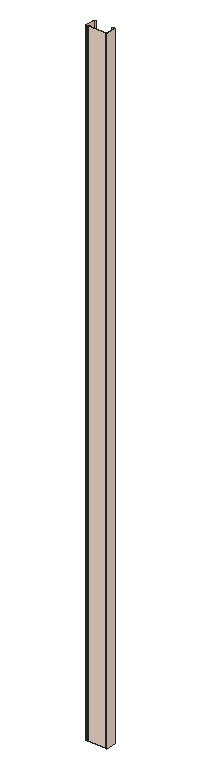
Revit family "stud_ws100", category 機械設備, Revit 2022
Family settings
  丸型コネクタ寸法 = 直径を使用
  種別 = なし
  パーツ タイプ = 標準
  作業面ベース = いいえ
  常に垂直 = はい
  ロード時にボイドで切り取り = いいえ
  注釈の向きを維持 = いいえ
  共有 = いいえ
  部屋計算ポイント = いいえ
Parameters
  製造元 = "株式会社桐井製作所"
  既定の高さ = 0 mm
  URL = "https://www.kirii.co.jp/"
  K_長さ(mm) [instance] = 3000 mm
  K_材質 = "SGCCまたはSGHC　一般用"
  K_断面積A(mm2) = 168
  K_断面係数Zy(mm3) = 1581
  K_断面係数Zx(mm3) = 5436
  K_断面2次半径iy(mm) = 16.9
  K_断面2次半径ix(mm) = 40.2
  K_断面2次モーメントIy(mm4) = 47980
  K_断面2次モーメントIx(mm4) = 271800
  K_外形寸法(mm) = "100×45×0.8"
  K_品名 = "WS-100"
  K_名称 = "スタッド"
  K_単位質量(kg/m) = 1.357
  K_ヤング係数E(N/mm2) = 205000
  K_バージョン情報 = "20210524"
  K_めっき付着量 = "Z12"
  K_JIS規格 = "JIS G 3302"
  K_JIS外 [instance] = not(K_JIS)  # no
  K_JIS [instance] = [K_長さ(mm)] < 5001 mm  # yes
Reference planes
  plane 1 "中心(正面/背面)": y = 0
  plane 2: z = 0
  plane 3 "中心(左/右)": x = 0
  plane 4: z = 3000
  plane 5: x = -50
  plane 6: x = 50
  plane 7: y = 45
Forms (mm)
  Extrusion 1, solid
    sketch origin (0, 0, 0) x (0, 1, 0) y (-1, 0, 0)
      loop
        line (0.8, -42.332) -> (1.8, -41.332) -> (1.8, 41.332) -> (0.8, 42.332) -> (0.8, 49.2) -> (44.2, 49.2) -> (44.2, 39.764) -> (40.396, 39.764) -> (40.396, 38.964) -> (45, 38.964) -> (45, 50) -> (0, 50) -> (0, 42) -> (1, 41) -> (1, -41) -> (0, -42) -> (0, -50) -> (45, -50) -> (45, -38.964) -> (40.396, -38.964) -> (40.396, -39.764) -> (44.2, -39.764) -> (44.2, -49.2) -> (0.8, -49.2) -> (0.8, -42.332)
    from 0 to 3000
Dimensions and locks
  "K_長さ(mm)": plane 4 to plane 2
  aligned and locked: level to plane 2
  aligned and locked: plane 4 to Extrusion 1
Automatic sketch dimensions
  Extrusion 1 sketch curve to plane 6 = 0 mm
  Extrusion 1 sketch curve to plane 5 = 0 mm
  plane 6 to Extrusion 1 sketch curve = 8 mm
  Extrusion 1 sketch curve to plane 1 "中心(正面/背面)" = 0 mm  (x2)
  Extrusion 1 sketch curve to plane 3 "中心(左/右)" = 42 mm
  Extrusion 1 sketch curve to Extrusion 1 sketch curve = 0.8 mm  (x5)
  Extrusion 1 sketch curve to Extrusion 1 sketch curve = 0.2 mm
  Extrusion 1 sketch curve to plane 3 "中心(左/右)" = 41.332 mm
  Extrusion 1 sketch curve to plane 1 "中心(正面/背面)" = 40.396 mm  (x2)
  Extrusion 1 sketch curve to plane 1 "中心(正面/背面)" = 44.2 mm  (x2)
  Extrusion 1 sketch curve to plane 1 "中心(正面/背面)" = 45 mm  (x2)
  plane 6 to Extrusion 1 sketch curve = 0.8 mm
  Extrusion 1 sketch curve to Extrusion 1 sketch curve = 0.331 mm  (x4)
  Extrusion 1 sketch curve to Extrusion 1 sketch curve = 1 mm
  Extrusion 1 sketch curve to Extrusion 1 sketch curve = 9.436 mm
  Extrusion 1 sketch curve to plane 3 "中心(左/右)" = 38.964 mm
  Extrusion 1 sketch curve to plane 5 = 0.8 mm
